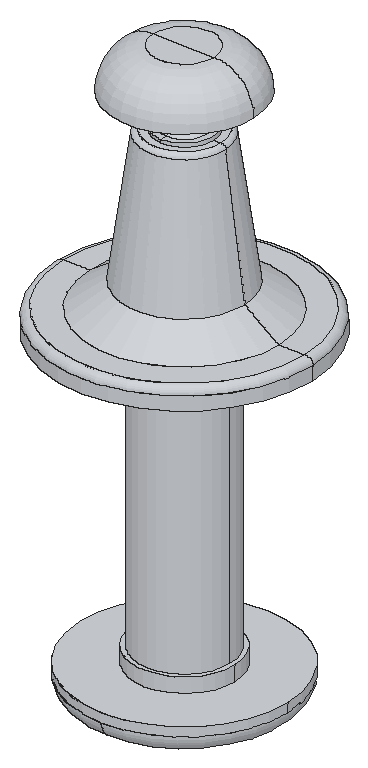
Revit family "Save-Up-Standaard", category Security Devices, host Roof, Revit 2012
Parameters (values of type "Houten dakbeschot")
  Universele onderpan = "1x"
  Kleine drukverdeelplaat = "2x"
  Grote drukverdeelplaat = ""
  URL = "http://www.save-up.nl/"
  Start-void = 10 mm
  Opvulring = "4x"
  Model = "Safe Up Roof System"
  Material = "Steel, PP and TPE"
  Manufacturer = "A&T Save Up BV"
  Geprofileerde dakpannen en platdak = ""
  End-void = 12 mm
  Description = "Save-Up fall protection system"
Types (5, lengths in mm): name | Kleine drukverdeelplaat | Grote drukverdeelplaat | Opvulring
  (no name) | "2x" | "" | "4x"
  Houten dakbeschot | "2x" | "" | "4x"
  Enkelschalig dakelement | "1x" | "1x" | ""
  Dubbelschalig dakelement | "2x" | "" | ""
  Sandwich dakelement | "1x" | "2x" | "1x"
Reference planes
  plane 1 "Center (Front/Back)": y = 0
  plane 2 "Roof": z = 4000
  plane 3 "Center (Left/Right)": x = 0
  plane 4: z = 4200
  plane 5: z = 4010
  plane 6: z = 4188
  plane 7: z = 3994
Forms (mm)
  Extrusion 1, solid
    sketch origin (0, 0, 4000) x (1, 0, 0) y (0, 1, 0)
      loop
        circle (0, 0) r 70
    from 0 to -6
  Extrusion 2, solid
    sketch origin (-1524, -4572, 4200) x (-1, 0, 0) y (0, -1, 0)
      loop
        circle (-1524, -4572) r 70
    from 0 to 4
  Extrusion 3, void
    sketch origin (0, 0, 4000) x (1, 0, 0) y (0, 1, 0)
      loop
        circle (0, 0) r 34
    from 0 to 10
  Extrusion 4, void
    sketch origin (-1524, -4572, 4010) x (0, -1, 0) y (-1, 0, 0)
      loop
        circle (-4572, -1524) r 31
    from -178 to 0
  Extrusion 5, void
    sketch origin (-1524, -4572, 4200) x (0, -1, 0) y (-1, 0, 0)
      loop
        circle (-4572, -1524) r 34
    from 0 to 12
  Extrusion 6, solid
    sketch origin (0, 0, 4000) x (1, 0, 0) y (0, 1, 0)
      loop
        circle (0, 0) r 34
    from 0 to 10
  Extrusion 7, solid
    sketch origin (0, 0, 4000) x (1, 0, 0) y (0, 1, 0)
      loop
        circle (0, 0) r 31
    from 10 to 188
  Extrusion 8, solid
    sketch origin (-1524, -4572, 4200) x (-1, 0, 0) y (0, -1, 0)
      loop
        circle (-1524, -4572) r 34
    from 0 to -12
  Revolve 9, solid
    sketch origin (0, 0, 0) x (0, 1, 0) y (0, 0, 1)
      loop
        line (70, 3994) -> (0, 3994) -> (0, 3982) -> (58, 3982)
        arc (58, 3982) -> (66.485, 3985.515) -> (70, 3994) r 12
      axis (0, 3994) -> (0, 3982)
    angle from 0 to 360
  Extrusion 10, solid
    sketch origin (-1524, -4572, 4200) x (-1, 0, 0) y (0, -1, 0)
      loop
        circle (-1524, -4572) r 26
    from 4 to 34
  Revolve 11, solid
    sketch origin (0, 0, 0) x (0, 1, 0) y (0, 0, 1)
      loop
        line (0, 4234) -> (19.5, 4234) -> (19.5, 4324) -> (15.126, 4324)
        arc (15.126, 4324) -> (13.131, 4325.137) -> (12.523, 4327.351) r 3
        line (12.523, 4327.351) -> (12.523, 4345) -> (0, 4345) -> (0, 4234)
      axis (0, 4234) -> (0, 4345)
    angle from 0 to 360
  Revolve 12, solid
    sketch origin (0, 0, 0) x (1, 0, 0) y (0, 0, 1)
      loop
        line (0, 4345) -> (0, 4372.1) -> (-20.3, 4372.1)
        arc (-20.3, 4372.1) -> (-39.357, 4364.144) -> (-47.1, 4345) r 26.802
        line (-47.1, 4345) -> (0, 4345)
      axis (0, 4345) -> (0, 4372.1)
    angle from 0 to 360
  Revolve 13, solid
    sketch origin (0, 0, 0) x (1, 0, 0) y (0, 0, 1)
      loop
        line (-19.5, 4322) -> (-24.769, 4322)
        arc (-24.769, 4322) -> (-27.055, 4321.144) -> (-28.217, 4318.998) r 3.481
        line (-28.217, 4318.998) -> (-40.6, 4229.9) -> (-64, 4214) -> (-81.5, 4214)
        arc (-81.5, 4214) -> (-85.036, 4212.536) -> (-86.5, 4209) r 5
        line (-86.5, 4209) -> (-86.5, 4200) -> (-70, 4200) -> (-70, 4204) -> (-31, 4204)
        arc (-31, 4204) -> (-27.464, 4205.464) -> (-26, 4209) r 5
        line (-26, 4209) -> (-26, 4234) -> (-21.468, 4234)
        arc (-21.468, 4234) -> (-20.076, 4234.576) -> (-19.5, 4235.968) r 1.968
        line (-19.5, 4235.968) -> (-19.5, 4322)
      axis (0, 4200) -> (0, 4322)
    angle from 0 to 360
Dimensions and locks
  equal spacing: host sketch curve, plane 3 "Center (Left/Right)", host sketch curve
  equal spacing: host sketch curve, plane 1 "Center (Front/Back)", host sketch curve
  "Start-void": plane 5 to host roof
  "End-void": plane 4 to plane 6
  aligned and locked: level to plane 2 "Roof"
  aligned and locked: plane 4 to host roof
  aligned and locked: Extrusion 4 to plane 5
  aligned and locked: plane 6 to Extrusion 4
  aligned and locked: Extrusion 7 to plane 5
  aligned and locked: plane 6 to Extrusion 7
  aligned and locked: Extrusion 8 to Extrusion 2
  aligned and locked: host roof to Extrusion 5
  aligned and locked: Extrusion 6 to plane 2 "Roof"
  aligned and locked: Extrusion 3 to Extrusion 6
Automatic sketch dimensions
  plane 1 "Center (Front/Back)" to Extrusion 1 sketch curve = 0 mm
  Extrusion 1 sketch curve to plane 3 "Center (Left/Right)" = 0 mm
  plane 1 "Center (Front/Back)" to Extrusion 2 sketch curve = 0 mm
  Extrusion 2 sketch curve to plane 3 "Center (Left/Right)" = 0 mm
  plane 1 "Center (Front/Back)" to Extrusion 3 sketch curve = 0 mm
  Extrusion 3 sketch curve to plane 3 "Center (Left/Right)" = 0 mm
  plane 1 "Center (Front/Back)" to Extrusion 4 sketch curve = 0 mm
  Extrusion 4 sketch curve to plane 3 "Center (Left/Right)" = 0 mm
  plane 1 "Center (Front/Back)" to Extrusion 5 sketch curve = 0 mm
  Extrusion 5 sketch curve to plane 3 "Center (Left/Right)" = 0 mm
  plane 1 "Center (Front/Back)" to Extrusion 6 sketch curve = 0 mm
  Extrusion 6 sketch curve to plane 3 "Center (Left/Right)" = 0 mm
  plane 1 "Center (Front/Back)" to Extrusion 7 sketch curve = 0 mm
  Extrusion 7 sketch curve to plane 3 "Center (Left/Right)" = 0 mm
  plane 1 "Center (Front/Back)" to Extrusion 8 sketch curve = 0 mm
  Extrusion 8 sketch curve to plane 3 "Center (Left/Right)" = 0 mm
  Revolve 9 sketch curve to plane 1 "Center (Front/Back)" = 0 mm  (x2)
  Revolve 9 sketch curve to plane 7 = 0 mm  (x2)
  Revolve 9 sketch curve to Revolve 9 sketch curve = 58 mm
  Revolve 9 sketch curve to Revolve 9 sketch curve = 12 mm
  Revolve 9 sketch curve to Revolve 9 sketch curve = 0 mm
  plane 1 "Center (Front/Back)" to Extrusion 10 sketch curve = 0 mm
  Extrusion 10 sketch curve to plane 3 "Center (Left/Right)" = 0 mm
  Revolve 11 sketch curve to plane 1 "Center (Front/Back)" = 0 mm  (x2)
  Revolve 11 sketch curve to Revolve 11 sketch curve = 12.523 mm
  Revolve 11 sketch curve to Revolve 11 sketch curve = 2.602 mm
  Revolve 11 sketch curve to Revolve 11 sketch curve = 2.977 mm  (x2)
  Revolve 11 sketch curve to plane 1 "Center (Front/Back)" = 19.5 mm
  plane 4 to Revolve 11 sketch curve = 34 mm
  Revolve 11 sketch curve to Revolve 11 sketch curve = 0 mm
  Revolve 11 sketch curve to Revolve 11 sketch curve = 90 mm
  Revolve 11 sketch curve to Revolve 11 sketch curve = 17.649 mm
  Revolve 11 sketch curve to Revolve 11 sketch curve = 2 mm
  Revolve 13 sketch curve to plane 4 = 0 mm  (x2)
  Revolve 13 sketch curve to plane 3 "Center (Left/Right)" = 0 mm
  Revolve 13 sketch curve to Revolve 13 sketch curve = 19.5 mm
  Revolve 13 sketch curve to Revolve 13 sketch curve = 1.968 mm
  Revolve 13 sketch curve to Revolve 13 sketch curve = 5.269 mm
  Revolve 13 sketch curve to Revolve 13 sketch curve = 4.532 mm
  Revolve 13 sketch curve to Revolve 13 sketch curve = 3.448 mm
  plane 4 to Revolve 13 sketch curve = 4 mm
  Revolve 13 sketch curve to Revolve 13 sketch curve = 5 mm  (x2)
  Revolve 13 sketch curve to Revolve 13 sketch curve = 14.6 mm
  plane 4 to Revolve 13 sketch curve = 14 mm
  Revolve 13 sketch curve to Revolve 13 sketch curve = 23.4 mm
  Revolve 13 sketch curve to Revolve 13 sketch curve = 6 mm
  Revolve 13 sketch curve to Revolve 13 sketch curve = 11.5 mm
  Revolve 13 sketch curve to Revolve 13 sketch curve = 20.9 mm
  Revolve 13 sketch curve to Revolve 13 sketch curve = 4.1 mm
  Revolve 13 sketch curve to Revolve 13 sketch curve = 82.551 mm
  Revolve 13 sketch curve to Revolve 13 sketch curve = 0.479 mm
  Revolve 13 sketch curve to Revolve 13 sketch curve = 0 mm
  Revolve 12 sketch curve to plane 3 "Center (Left/Right)" = 0 mm  (x2)
  Revolve 12 sketch curve to plane 3 "Center (Left/Right)" = 20.3 mm
  Revolve 12 sketch curve to Revolve 12 sketch curve = 26.8 mm
  plane 4 to Revolve 12 sketch curve = 145 mm
  Revolve 12 sketch curve to Revolve 12 sketch curve = 2 mm
  Revolve 12 sketch curve to Revolve 12 sketch curve = 1.702 mm
  Revolve 12 sketch curve to Revolve 12 sketch curve = 18 mm
  radius of Extrusion 1 sketch curve = 70 mm
  radius of Extrusion 2 sketch curve = 70 mm
  radius of Extrusion 3 sketch curve = 34 mm
  radius of Extrusion 4 sketch curve = 31 mm
  radius of Extrusion 5 sketch curve = 34 mm
  radius of Extrusion 6 sketch curve = 34 mm
  radius of Extrusion 7 sketch curve = 31 mm
  radius of Extrusion 8 sketch curve = 34 mm
  radius of Extrusion 10 sketch curve = 26 mm
